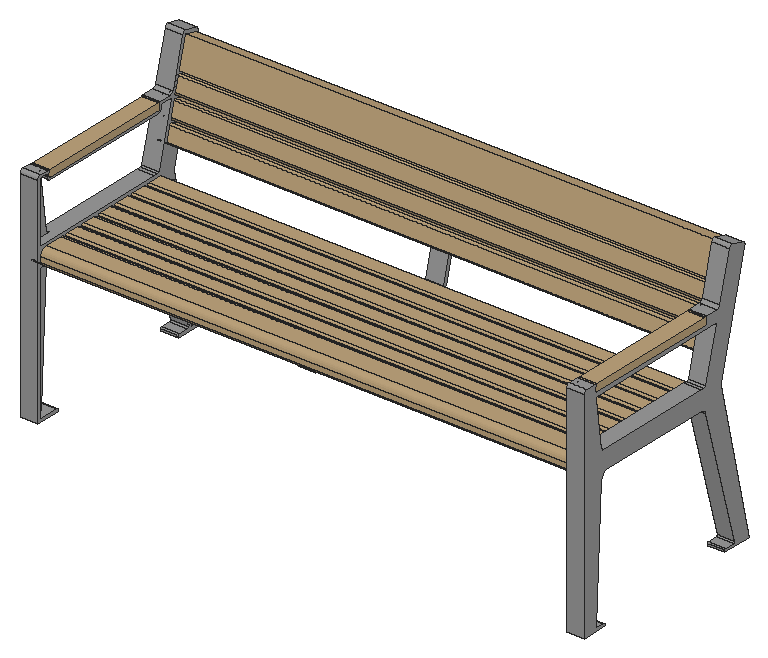
Revit family "L-FUR_벤치_DWB-210_데오스웍스", category 일반 모델, Revit 2019
Family settings
  보강 철근 호스트 가능 = 아니오
  원형 커넥터 치수 = 지름 사용
  부품 유형 = 보통
  작업 기준면 기반 = 아니오
  항상 수직 = 예
  로드될 때 보이드를 사용하여 절단 = 아니오
  공유 = 아니오
  룸 계산 점 = 아니오
Reference planes
  plane 1 "중심(앞/뒤)": y = 0
  plane 2: z = 0
  plane 3 "중심(왼쪽/오른쪽)": x = 0
Dimensions and locks
  aligned and locked: level to plane 2
Nested families
  nested 1: "L-FUR_벤치_DWB-210_데" at (0, 0, 0), type "L-FUR_벤치_DWB-210_데"
Definition of nested family "L-FUR_벤치_DWB-210_데"
  Reference planes
    plane 1 "중심(앞/뒤)": y = 0
    plane 2: z = 0
    plane 3 "중심(왼쪽/오른쪽)": x = 0
  Forms (mm)
    Extrusion 1, solid, not visible
      sketch origin (0, 0, 0) x (0, 1, 0) y (0, 0, 1)
        loop
          line (5413.536, -1348.304) -> (5413.536, -1966.304) -> (5483.943, -1966.304) -> (5483.943, -1961.304)
          arc (5483.943, -1961.304) -> (5483.064, -1959.183) -> (5480.943, -1958.304) r 3
          line (5480.943, -1958.304) -> (5453.943, -1958.304) -> (5472.57, -1590.288)
          arc (5472.57, -1590.288) -> (5478.766, -1576.807) -> (5492.544, -1571.304) r 20
          line (5492.544, -1571.304) -> (5825.084, -1571.304)
          arc (5825.084, -1571.304) -> (5836.369, -1574.792) -> (5843.718, -1584.038) r 20
          line (5843.718, -1584.038) -> (5947.286, -1954.214)
          arc (5947.286, -1954.214) -> (5946.968, -1956.997) -> (5944.491, -1958.304) r 3
          line (5944.491, -1958.304) -> (5915.001, -1958.304)
          arc (5915.001, -1958.304) -> (5912.879, -1959.183) -> (5912.001, -1961.304) r 3
          line (5912.001, -1961.304) -> (5912.001, -1966.304) -> (5993.536, -1966.304) -> (5895.432, -1535.512)
          arc (5895.432, -1535.512) -> (5894.963, -1532.71) -> (5895.301, -1529.889) r 10
          line (5895.301, -1529.889) -> (5978.07, -1220.994) -> (5979.105, -1217.13)
          arc (5979.105, -1217.13) -> (5978.947, -1210.378) -> (5975.167, -1204.781) r 12
          line (5975.167, -1204.781) -> (5936.746, -1194.486)
          arc (5936.746, -1194.486) -> (5931.311, -1197.231) -> (5928.17, -1202.447) r 11
          line (5928.17, -1202.447) -> (5893.753, -1330.892)
          arc (5893.753, -1330.892) -> (5890.181, -1336.238) -> (5884.094, -1338.304) r 10
          line (5884.094, -1338.304) -> (5846.536, -1338.304)
          arc (5846.536, -1338.304) -> (5844.415, -1339.183) -> (5843.536, -1341.304) r 3
          line (5843.536, -1341.304) -> (5843.536, -1353.304)
          arc (5843.536, -1353.304) -> (5842.072, -1356.84) -> (5838.536, -1358.304) r 5
          line (5838.536, -1358.304) -> (5458.536, -1358.304)
          arc (5458.536, -1358.304) -> (5455, -1356.84) -> (5453.536, -1353.304) r 5
          line (5453.536, -1353.304) -> (5453.536, -1341.304)
          arc (5453.536, -1341.304) -> (5452.657, -1339.183) -> (5450.536, -1338.304) r 3
          line (5450.536, -1338.304) -> (5423.536, -1338.304)
          arc (5423.536, -1338.304) -> (5416.465, -1341.233) -> (5413.536, -1348.304) r 10
      from 0 to 50
    Extrusion 2, solid, not visible
      sketch origin (0, 0, 0) x (1, 0, 0) y (0, 0, 1)
        loop
          line (282.591, -731.755) -> (1782.591, -731.755) -> (1782.591, -641.755)
          arc (1782.591, -641.755) -> (1032.591, -611.755) -> (282.591, -641.755) r 9390
          line (282.591, -641.755) -> (282.591, -731.755)
      from 0 to 50
    Extrusion 3, solid
      sketch origin (-1500, -6010.707, 1957.261) x (0, 1, 0) y (0, 0, 1)
        loop
          arc (5440.536, -1524.304) -> (5426.394, -1530.162) -> (5420.536, -1544.304) r 20
          line (5420.536, -1544.304) -> (5420.536, -1559.304)
          arc (5420.536, -1559.304) -> (5422, -1562.84) -> (5425.536, -1564.304) r 5
          line (5425.536, -1564.304) -> (5495.536, -1564.304)
          arc (5495.536, -1564.304) -> (5499.072, -1562.84) -> (5500.536, -1559.304) r 5
          line (5500.536, -1559.304) -> (5500.536, -1529.304)
          arc (5500.536, -1529.304) -> (5499.072, -1525.769) -> (5495.536, -1524.304) r 5
          line (5495.536, -1524.304) -> (5440.536, -1524.304)
        loop
          line (5532.036, -1564.304) -> (5535.036, -1564.304) -> (5553.536, -1564.304)
          arc (5553.536, -1564.304) -> (5557.072, -1562.84) -> (5558.536, -1559.304) r 5
          line (5558.536, -1559.304) -> (5558.536, -1529.304)
          arc (5558.536, -1529.304) -> (5557.072, -1525.769) -> (5553.536, -1524.304) r 5
          line (5553.536, -1524.304) -> (5513.536, -1524.304)
          arc (5513.536, -1524.304) -> (5510, -1525.769) -> (5508.536, -1529.304) r 5
          line (5508.536, -1529.304) -> (5508.536, -1559.304)
          arc (5508.536, -1559.304) -> (5510, -1562.84) -> (5513.536, -1564.304) r 5
          line (5513.536, -1564.304) -> (5532.036, -1564.304)
        loop
          line (5590.036, -1564.304) -> (5593.036, -1564.304) -> (5611.536, -1564.304)
          arc (5611.536, -1564.304) -> (5615.072, -1562.84) -> (5616.536, -1559.304) r 5
          line (5616.536, -1559.304) -> (5616.536, -1529.304)
          arc (5616.536, -1529.304) -> (5615.072, -1525.769) -> (5611.536, -1524.304) r 5
          line (5611.536, -1524.304) -> (5571.536, -1524.304)
          arc (5571.536, -1524.304) -> (5568, -1525.769) -> (5566.536, -1529.304) r 5
          line (5566.536, -1529.304) -> (5566.536, -1559.304)
          arc (5566.536, -1559.304) -> (5568, -1562.84) -> (5571.536, -1564.304) r 5
          line (5571.536, -1564.304) -> (5590.036, -1564.304)
        loop
          line (5648.036, -1564.304) -> (5651.036, -1564.304) -> (5669.536, -1564.304)
          arc (5669.536, -1564.304) -> (5673.072, -1562.84) -> (5674.536, -1559.304) r 5
          line (5674.536, -1559.304) -> (5674.536, -1529.304)
          arc (5674.536, -1529.304) -> (5673.072, -1525.769) -> (5669.536, -1524.304) r 5
          line (5669.536, -1524.304) -> (5629.536, -1524.304)
          arc (5629.536, -1524.304) -> (5626, -1525.769) -> (5624.536, -1529.304) r 5
          line (5624.536, -1529.304) -> (5624.536, -1559.304)
          arc (5624.536, -1559.304) -> (5626, -1562.84) -> (5629.536, -1564.304) r 5
          line (5629.536, -1564.304) -> (5648.036, -1564.304)
        loop
          line (5706.036, -1564.304) -> (5709.036, -1564.304) -> (5727.536, -1564.304)
          arc (5727.536, -1564.304) -> (5731.072, -1562.84) -> (5732.536, -1559.304) r 5
          line (5732.536, -1559.304) -> (5732.536, -1529.304)
          arc (5732.536, -1529.304) -> (5731.072, -1525.769) -> (5727.536, -1524.304) r 5
          line (5727.536, -1524.304) -> (5687.536, -1524.304)
          arc (5687.536, -1524.304) -> (5684, -1525.769) -> (5682.536, -1529.304) r 5
          line (5682.536, -1529.304) -> (5682.536, -1559.304)
          arc (5682.536, -1559.304) -> (5684, -1562.84) -> (5687.536, -1564.304) r 5
          line (5687.536, -1564.304) -> (5706.036, -1564.304)
        loop
          line (5764.036, -1564.304) -> (5767.036, -1564.304) -> (5785.536, -1564.304)
          arc (5785.536, -1564.304) -> (5789.072, -1562.84) -> (5790.536, -1559.304) r 5
          line (5790.536, -1559.304) -> (5790.536, -1529.304)
          arc (5790.536, -1529.304) -> (5789.072, -1525.769) -> (5785.536, -1524.304) r 5
          line (5785.536, -1524.304) -> (5745.536, -1524.304)
          arc (5745.536, -1524.304) -> (5742, -1525.769) -> (5740.536, -1529.304) r 5
          line (5740.536, -1529.304) -> (5740.536, -1559.304)
          arc (5740.536, -1559.304) -> (5742, -1562.84) -> (5745.536, -1564.304) r 5
          line (5745.536, -1564.304) -> (5764.036, -1564.304)
        loop
          line (5822.036, -1564.304) -> (5825.036, -1564.304) -> (5843.536, -1564.304)
          arc (5843.536, -1564.304) -> (5847.072, -1562.84) -> (5848.536, -1559.304) r 5
          line (5848.536, -1559.304) -> (5848.536, -1529.304)
          arc (5848.536, -1529.304) -> (5847.072, -1525.769) -> (5843.536, -1524.304) r 5
          line (5843.536, -1524.304) -> (5803.536, -1524.304)
          arc (5803.536, -1524.304) -> (5800, -1525.769) -> (5798.536, -1529.304) r 5
          line (5798.536, -1529.304) -> (5798.536, -1559.304)
          arc (5798.536, -1559.304) -> (5800, -1562.84) -> (5803.536, -1564.304) r 5
          line (5803.536, -1564.304) -> (5822.036, -1564.304)
        loop
          line (5911.651, -1441.828) -> (5912.427, -1438.93) -> (5917.215, -1421.06)
          arc (5917.215, -1421.06) -> (5916.716, -1417.266) -> (5913.68, -1414.937) r 5
          line (5913.68, -1414.937) -> (5884.702, -1407.172)
          arc (5884.702, -1407.172) -> (5880.908, -1407.672) -> (5878.578, -1410.708) r 5
          line (5878.578, -1410.708) -> (5868.225, -1449.345)
          arc (5868.225, -1449.345) -> (5868.725, -1453.139) -> (5871.761, -1455.468) r 5
          line (5871.761, -1455.468) -> (5900.739, -1463.233)
          arc (5900.739, -1463.233) -> (5904.533, -1462.733) -> (5906.862, -1459.697) r 5
          line (5906.862, -1459.697) -> (5911.651, -1441.828)
        loop
          line (5926.662, -1385.804) -> (5927.438, -1382.906) -> (5932.227, -1365.037)
          arc (5932.227, -1365.037) -> (5931.727, -1361.243) -> (5928.691, -1358.913) r 5
          line (5928.691, -1358.913) -> (5899.713, -1351.148)
          arc (5899.713, -1351.148) -> (5895.919, -1351.648) -> (5893.59, -1354.684) r 5
          line (5893.59, -1354.684) -> (5883.237, -1393.321)
          arc (5883.237, -1393.321) -> (5883.736, -1397.115) -> (5886.772, -1399.445) r 5
          line (5886.772, -1399.445) -> (5915.75, -1407.209)
          arc (5915.75, -1407.209) -> (5919.544, -1406.71) -> (5921.874, -1403.674) r 5
          line (5921.874, -1403.674) -> (5926.662, -1385.804)
        loop
          line (5941.674, -1329.78) -> (5942.45, -1326.883) -> (5947.238, -1309.013)
          arc (5947.238, -1309.013) -> (5946.739, -1305.219) -> (5943.703, -1302.889) r 5
          line (5943.703, -1302.889) -> (5914.725, -1295.125)
          arc (5914.725, -1295.125) -> (5910.931, -1295.624) -> (5908.601, -1298.66) r 5
          line (5908.601, -1298.66) -> (5898.248, -1337.297)
          arc (5898.248, -1337.297) -> (5898.748, -1341.091) -> (5901.784, -1343.421) r 5
          line (5901.784, -1343.421) -> (5930.762, -1351.185)
          arc (5930.762, -1351.185) -> (5934.556, -1350.686) -> (5936.885, -1347.65) r 5
          line (5936.885, -1347.65) -> (5941.674, -1329.78)
      from -50 to 1500
    Extrusion 4, solid
      sketch origin (-1782.591, 129.288, 1367.626) x (1, 0, 0) y (0, 0.258819, 0.965926)
        loop
          line (232.591, -731.755) -> (1782.591, -731.755) -> (1782.591, -641.755)
          arc (1782.591, -641.755) -> (1007.506, -611.788) -> (232.591, -645.896) r 9390
          line (232.591, -645.896) -> (232.591, -731.755)
      from 0 to 40
    Extrusion 5, solid, not visible
      sketch origin (-1475, 0, 0) x (0, 1, 0) y (0, 0, 1)
        loop
          arc (5440.536, -1524.304) -> (5426.394, -1530.162) -> (5420.536, -1544.304) r 20
          line (5420.536, -1544.304) -> (5420.536, -1559.304)
          arc (5420.536, -1559.304) -> (5422, -1562.84) -> (5425.536, -1564.304) r 5
          line (5425.536, -1564.304) -> (5495.536, -1564.304)
          arc (5495.536, -1564.304) -> (5499.072, -1562.84) -> (5500.536, -1559.304) r 5
          line (5500.536, -1559.304) -> (5500.536, -1529.304)
          arc (5500.536, -1529.304) -> (5499.072, -1525.769) -> (5495.536, -1524.304) r 5
          line (5495.536, -1524.304) -> (5440.536, -1524.304)
        loop
          line (5532.036, -1564.304) -> (5535.036, -1564.304) -> (5553.536, -1564.304)
          arc (5553.536, -1564.304) -> (5557.072, -1562.84) -> (5558.536, -1559.304) r 5
          line (5558.536, -1559.304) -> (5558.536, -1529.304)
          arc (5558.536, -1529.304) -> (5557.072, -1525.769) -> (5553.536, -1524.304) r 5
          line (5553.536, -1524.304) -> (5513.536, -1524.304)
          arc (5513.536, -1524.304) -> (5510, -1525.769) -> (5508.536, -1529.304) r 5
          line (5508.536, -1529.304) -> (5508.536, -1559.304)
          arc (5508.536, -1559.304) -> (5510, -1562.84) -> (5513.536, -1564.304) r 5
          line (5513.536, -1564.304) -> (5532.036, -1564.304)
        loop
          line (5590.036, -1564.304) -> (5593.036, -1564.304) -> (5611.536, -1564.304)
          arc (5611.536, -1564.304) -> (5615.072, -1562.84) -> (5616.536, -1559.304) r 5
          line (5616.536, -1559.304) -> (5616.536, -1529.304)
          arc (5616.536, -1529.304) -> (5615.072, -1525.769) -> (5611.536, -1524.304) r 5
          line (5611.536, -1524.304) -> (5571.536, -1524.304)
          arc (5571.536, -1524.304) -> (5568, -1525.769) -> (5566.536, -1529.304) r 5
          line (5566.536, -1529.304) -> (5566.536, -1559.304)
          arc (5566.536, -1559.304) -> (5568, -1562.84) -> (5571.536, -1564.304) r 5
          line (5571.536, -1564.304) -> (5590.036, -1564.304)
        loop
          line (5648.036, -1564.304) -> (5651.036, -1564.304) -> (5669.536, -1564.304)
          arc (5669.536, -1564.304) -> (5673.072, -1562.84) -> (5674.536, -1559.304) r 5
          line (5674.536, -1559.304) -> (5674.536, -1529.304)
          arc (5674.536, -1529.304) -> (5673.072, -1525.769) -> (5669.536, -1524.304) r 5
          line (5669.536, -1524.304) -> (5629.536, -1524.304)
          arc (5629.536, -1524.304) -> (5626, -1525.769) -> (5624.536, -1529.304) r 5
          line (5624.536, -1529.304) -> (5624.536, -1559.304)
          arc (5624.536, -1559.304) -> (5626, -1562.84) -> (5629.536, -1564.304) r 5
          line (5629.536, -1564.304) -> (5648.036, -1564.304)
        loop
          line (5706.036, -1564.304) -> (5709.036, -1564.304) -> (5727.536, -1564.304)
          arc (5727.536, -1564.304) -> (5731.072, -1562.84) -> (5732.536, -1559.304) r 5
          line (5732.536, -1559.304) -> (5732.536, -1529.304)
          arc (5732.536, -1529.304) -> (5731.072, -1525.769) -> (5727.536, -1524.304) r 5
          line (5727.536, -1524.304) -> (5687.536, -1524.304)
          arc (5687.536, -1524.304) -> (5684, -1525.769) -> (5682.536, -1529.304) r 5
          line (5682.536, -1529.304) -> (5682.536, -1559.304)
          arc (5682.536, -1559.304) -> (5684, -1562.84) -> (5687.536, -1564.304) r 5
          line (5687.536, -1564.304) -> (5706.036, -1564.304)
        loop
          line (5764.036, -1564.304) -> (5767.036, -1564.304) -> (5785.536, -1564.304)
          arc (5785.536, -1564.304) -> (5789.072, -1562.84) -> (5790.536, -1559.304) r 5
          line (5790.536, -1559.304) -> (5790.536, -1529.304)
          arc (5790.536, -1529.304) -> (5789.072, -1525.769) -> (5785.536, -1524.304) r 5
          line (5785.536, -1524.304) -> (5745.536, -1524.304)
          arc (5745.536, -1524.304) -> (5742, -1525.769) -> (5740.536, -1529.304) r 5
          line (5740.536, -1529.304) -> (5740.536, -1559.304)
          arc (5740.536, -1559.304) -> (5742, -1562.84) -> (5745.536, -1564.304) r 5
          line (5745.536, -1564.304) -> (5764.036, -1564.304)
        loop
          line (5822.036, -1564.304) -> (5825.036, -1564.304) -> (5843.536, -1564.304)
          arc (5843.536, -1564.304) -> (5847.072, -1562.84) -> (5848.536, -1559.304) r 5
          line (5848.536, -1559.304) -> (5848.536, -1529.304)
          arc (5848.536, -1529.304) -> (5847.072, -1525.769) -> (5843.536, -1524.304) r 5
          line (5843.536, -1524.304) -> (5803.536, -1524.304)
          arc (5803.536, -1524.304) -> (5800, -1525.769) -> (5798.536, -1529.304) r 5
          line (5798.536, -1529.304) -> (5798.536, -1559.304)
          arc (5798.536, -1559.304) -> (5800, -1562.84) -> (5803.536, -1564.304) r 5
          line (5803.536, -1564.304) -> (5822.036, -1564.304)
        loop
          line (5911.651, -1441.828) -> (5912.427, -1438.93) -> (5917.215, -1421.06)
          arc (5917.215, -1421.06) -> (5916.716, -1417.266) -> (5913.68, -1414.937) r 5
          line (5913.68, -1414.937) -> (5884.702, -1407.172)
          arc (5884.702, -1407.172) -> (5880.908, -1407.672) -> (5878.578, -1410.708) r 5
          line (5878.578, -1410.708) -> (5868.225, -1449.345)
          arc (5868.225, -1449.345) -> (5868.725, -1453.139) -> (5871.761, -1455.468) r 5
          line (5871.761, -1455.468) -> (5900.739, -1463.233)
          arc (5900.739, -1463.233) -> (5904.533, -1462.733) -> (5906.862, -1459.697) r 5
          line (5906.862, -1459.697) -> (5911.651, -1441.828)
        loop
          line (5926.662, -1385.804) -> (5927.438, -1382.906) -> (5932.227, -1365.037)
          arc (5932.227, -1365.037) -> (5931.727, -1361.243) -> (5928.691, -1358.913) r 5
          line (5928.691, -1358.913) -> (5899.713, -1351.148)
          arc (5899.713, -1351.148) -> (5895.919, -1351.648) -> (5893.59, -1354.684) r 5
          line (5893.59, -1354.684) -> (5883.237, -1393.321)
          arc (5883.237, -1393.321) -> (5883.736, -1397.115) -> (5886.772, -1399.445) r 5
          line (5886.772, -1399.445) -> (5915.75, -1407.209)
          arc (5915.75, -1407.209) -> (5919.544, -1406.71) -> (5921.874, -1403.674) r 5
          line (5921.874, -1403.674) -> (5926.662, -1385.804)
        loop
          line (5941.674, -1329.78) -> (5942.45, -1326.883) -> (5947.238, -1309.013)
          arc (5947.238, -1309.013) -> (5946.739, -1305.219) -> (5943.703, -1302.889) r 5
          line (5943.703, -1302.889) -> (5914.725, -1295.125)
          arc (5914.725, -1295.125) -> (5910.931, -1295.624) -> (5908.601, -1298.66) r 5
          line (5908.601, -1298.66) -> (5898.248, -1337.297)
          arc (5898.248, -1337.297) -> (5898.748, -1341.091) -> (5901.784, -1343.421) r 5
          line (5901.784, -1343.421) -> (5930.762, -1351.185)
          arc (5930.762, -1351.185) -> (5934.556, -1350.686) -> (5936.885, -1347.65) r 5
          line (5936.885, -1347.65) -> (5941.674, -1329.78)
      from -50 to 1500
    Extrusion 6, solid, not visible
      sketch origin (-1757.591, 6139.995, -589.635) x (1, 0, 0) y (0, 0.258819, 0.965926)
        loop
          line (232.591, -731.755) -> (1782.591, -731.755) -> (1782.591, -641.755)
          arc (1782.591, -641.755) -> (1007.506, -611.788) -> (232.591, -645.896) r 9390
          line (232.591, -645.896) -> (232.591, -731.755)
      from 0 to 40
    Extrusion 7, solid, not visible
      sketch origin (0, 0, 0) x (0, 1, 0) y (0, 0, 1)
        loop
          line (5413.536, -1348.304) -> (5413.536, -1966.304) -> (5483.943, -1966.304) -> (5483.943, -1961.304)
          arc (5483.943, -1961.304) -> (5483.064, -1959.183) -> (5480.943, -1958.304) r 3
          line (5480.943, -1958.304) -> (5453.943, -1958.304) -> (5472.57, -1590.288)
          arc (5472.57, -1590.288) -> (5478.766, -1576.807) -> (5492.544, -1571.304) r 20
          line (5492.544, -1571.304) -> (5825.084, -1571.304)
          arc (5825.084, -1571.304) -> (5836.369, -1574.792) -> (5843.718, -1584.038) r 20
          line (5843.718, -1584.038) -> (5947.286, -1954.214)
          arc (5947.286, -1954.214) -> (5946.968, -1956.997) -> (5944.491, -1958.304) r 3
          line (5944.491, -1958.304) -> (5915.001, -1958.304)
          arc (5915.001, -1958.304) -> (5912.879, -1959.183) -> (5912.001, -1961.304) r 3
          line (5912.001, -1961.304) -> (5912.001, -1966.304) -> (5993.536, -1966.304) -> (5895.432, -1535.512)
          arc (5895.432, -1535.512) -> (5894.963, -1532.71) -> (5895.301, -1529.889) r 10
          line (5895.301, -1529.889) -> (5978.07, -1220.994) -> (5979.105, -1217.13)
          arc (5979.105, -1217.13) -> (5978.947, -1210.378) -> (5975.167, -1204.781) r 12
          line (5975.167, -1204.781) -> (5936.746, -1194.486)
          arc (5936.746, -1194.486) -> (5931.311, -1197.231) -> (5928.17, -1202.447) r 11
          line (5928.17, -1202.447) -> (5893.753, -1330.892)
          arc (5893.753, -1330.892) -> (5890.181, -1336.238) -> (5884.094, -1338.304) r 10
          line (5884.094, -1338.304) -> (5846.536, -1338.304)
          arc (5846.536, -1338.304) -> (5844.415, -1339.183) -> (5843.536, -1341.304) r 3
          line (5843.536, -1341.304) -> (5843.536, -1353.304)
          arc (5843.536, -1353.304) -> (5842.072, -1356.84) -> (5838.536, -1358.304) r 5
          line (5838.536, -1358.304) -> (5458.536, -1358.304)
          arc (5458.536, -1358.304) -> (5455, -1356.84) -> (5453.536, -1353.304) r 5
          line (5453.536, -1353.304) -> (5453.536, -1341.304)
          arc (5453.536, -1341.304) -> (5452.657, -1339.183) -> (5450.536, -1338.304) r 3
          line (5450.536, -1338.304) -> (5423.536, -1338.304)
          arc (5423.536, -1338.304) -> (5416.465, -1341.233) -> (5413.536, -1348.304) r 10
      from 0 to 50
    Extrusion 8, void, not visible
      sketch origin (0, 0, 0) x (0, 1, 0) y (0, 0, 1)
        loop
          line (5442.536, -1344.304) -> (5425.536, -1344.304)
          arc (5425.536, -1344.304) -> (5422, -1345.769) -> (5420.536, -1349.304) r 5
          line (5420.536, -1349.304) -> (5420.536, -1513.304)
          arc (5420.536, -1513.304) -> (5422, -1516.84) -> (5425.536, -1518.304) r 5
          line (5425.536, -1518.304) -> (5482.428, -1518.304)
          arc (5482.428, -1518.304) -> (5475.783, -1515.777) -> (5472.497, -1509.473) r 10
          line (5472.497, -1509.473) -> (5454.321, -1374.974)
          arc (5454.321, -1374.974) -> (5455.512, -1371.014) -> (5459.276, -1369.304) r 5
          line (5459.276, -1369.304) -> (5876.944, -1369.304)
          arc (5876.944, -1369.304) -> (5880.911, -1371.26) -> (5881.774, -1375.598) r 5
          line (5881.774, -1375.598) -> (5888.473, -1350.598)
          arc (5888.473, -1350.598) -> (5887.61, -1346.26) -> (5883.643, -1344.304) r 5
          line (5883.643, -1344.304) -> (5854.536, -1344.304)
          arc (5854.536, -1344.304) -> (5851, -1345.769) -> (5849.536, -1349.304) r 5
          line (5849.536, -1349.304) -> (5849.536, -1353.304)
          arc (5849.536, -1353.304) -> (5846.314, -1361.082) -> (5838.536, -1364.304) r 11
          line (5838.536, -1364.304) -> (5458.536, -1364.304)
          arc (5458.536, -1364.304) -> (5450.758, -1361.082) -> (5447.536, -1353.304) r 11
          line (5447.536, -1353.304) -> (5447.536, -1349.304)
          arc (5447.536, -1349.304) -> (5446.072, -1345.769) -> (5442.536, -1344.304) r 5
        loop
          line (5492.544, -1571.304) -> (5425.536, -1571.304)
          arc (5425.536, -1571.304) -> (5422, -1572.769) -> (5420.536, -1576.304) r 5
          line (5420.536, -1576.304) -> (5420.536, -1955.304)
          arc (5420.536, -1955.304) -> (5421.415, -1957.426) -> (5423.536, -1958.304) r 3
          line (5423.536, -1958.304) -> (5453.943, -1958.304) -> (5472.57, -1590.288)
          arc (5472.57, -1590.288) -> (5478.766, -1576.807) -> (5492.544, -1571.304) r 20
        loop
          arc (5954.683, -1954.658) -> (5956.477, -1957.29) -> (5959.496, -1958.304) r 5
          line (5959.496, -1958.304) -> (5978.252, -1958.304)
          arc (5978.252, -1958.304) -> (5982.162, -1956.421) -> (5983.126, -1952.189) r 5
          line (5983.126, -1952.189) -> (5890.805, -1546.671) -> (5889.566, -1551.292)
          arc (5889.566, -1551.292) -> (5879.923, -1565.725) -> (5863.486, -1571.304) r 27
          line (5863.486, -1571.304) -> (5843.223, -1571.304)
          arc (5843.223, -1571.304) -> (5847.426, -1576.144) -> (5850.371, -1581.838) r 27
          line (5850.371, -1581.838) -> (5954.683, -1954.658)
      from 25 to 0
    Extrusion 9, void, not visible
      sketch origin (0, 0, 0) x (0, 1, 0) y (0, 0, 1)
        loop
          line (5454.321, -1374.974) -> (5472.497, -1509.473)
          arc (5472.497, -1509.473) -> (5475.783, -1515.777) -> (5482.428, -1518.304) r 10
          line (5482.428, -1518.304) -> (5839.699, -1518.304)
          arc (5839.699, -1518.304) -> (5842.743, -1517.271) -> (5844.529, -1514.598) r 5
          line (5844.529, -1514.598) -> (5881.774, -1375.598)
          arc (5881.774, -1375.598) -> (5880.911, -1371.26) -> (5876.944, -1369.304) r 5
          line (5876.944, -1369.304) -> (5459.276, -1369.304)
          arc (5459.276, -1369.304) -> (5455.512, -1371.014) -> (5454.321, -1374.974) r 5
      from 0 to 50
    Extrusion 10, void
      sketch origin (0, -6010.707, 1957.261) x (0, 1, 0) y (0, 0, 1)
        loop
          arc (5954.683, -1954.658) -> (5956.477, -1957.29) -> (5959.496, -1958.304) r 5
          line (5959.496, -1958.304) -> (5978.252, -1958.304)
          arc (5978.252, -1958.304) -> (5982.162, -1956.421) -> (5983.126, -1952.189) r 5
          line (5983.126, -1952.189) -> (5890.805, -1546.671) -> (5889.566, -1551.292)
          arc (5889.566, -1551.292) -> (5879.923, -1565.725) -> (5863.486, -1571.304) r 27
          line (5863.486, -1571.304) -> (5843.223, -1571.304)
          arc (5843.223, -1571.304) -> (5847.426, -1576.144) -> (5850.371, -1581.838) r 27
          line (5850.371, -1581.838) -> (5954.683, -1954.658)
        loop
          line (5420.536, -1576.304) -> (5420.536, -1955.304)
          arc (5420.536, -1955.304) -> (5421.415, -1957.426) -> (5423.536, -1958.304) r 3
          line (5423.536, -1958.304) -> (5453.943, -1958.304) -> (5472.57, -1590.288)
          arc (5472.57, -1590.288) -> (5478.766, -1576.807) -> (5492.544, -1571.304) r 20
          line (5492.544, -1571.304) -> (5425.536, -1571.304)
          arc (5425.536, -1571.304) -> (5422, -1572.769) -> (5420.536, -1576.304) r 5
        loop
          arc (5420.536, -1513.304) -> (5422, -1516.84) -> (5425.536, -1518.304) r 5
          line (5425.536, -1518.304) -> (5482.428, -1518.304)
          arc (5482.428, -1518.304) -> (5475.848, -1515.834) -> (5472.519, -1509.643) r 10
          line (5472.519, -1509.643) -> (5454.311, -1374.888)
          arc (5454.311, -1374.888) -> (5455.54, -1370.982) -> (5459.276, -1369.304) r 5
          line (5459.276, -1369.304) -> (5876.944, -1369.304)
          arc (5876.944, -1369.304) -> (5880.911, -1371.26) -> (5881.774, -1375.598) r 5
          line (5881.774, -1375.598) -> (5888.473, -1350.598)
          arc (5888.473, -1350.598) -> (5887.61, -1346.26) -> (5883.643, -1344.304) r 5
          line (5883.643, -1344.304) -> (5854.536, -1344.304)
          arc (5854.536, -1344.304) -> (5851, -1345.769) -> (5849.536, -1349.304) r 5
          line (5849.536, -1349.304) -> (5849.536, -1353.304)
          arc (5849.536, -1353.304) -> (5846.314, -1361.082) -> (5838.536, -1364.304) r 11
          line (5838.536, -1364.304) -> (5458.536, -1364.304)
          arc (5458.536, -1364.304) -> (5450.758, -1361.082) -> (5447.536, -1353.304) r 11
          line (5447.536, -1353.304) -> (5447.536, -1349.304)
          arc (5447.536, -1349.304) -> (5446.072, -1345.769) -> (5442.536, -1344.304) r 5
          line (5442.536, -1344.304) -> (5425.536, -1344.304)
          arc (5425.536, -1344.304) -> (5422, -1345.769) -> (5420.536, -1349.304) r 5
          line (5420.536, -1349.304) -> (5420.536, -1513.304)
      from 0 to 25
    Extrusion 11, solid
      sketch origin (-1575, -6010.707, 1957.261) x (0, 1, 0) y (0, 0, 1)
        loop
          line (5413.536, -1348.304) -> (5413.536, -1966.304) -> (5483.943, -1966.304) -> (5483.943, -1961.304)
          arc (5483.943, -1961.304) -> (5483.064, -1959.183) -> (5480.943, -1958.304) r 3
          line (5480.943, -1958.304) -> (5453.943, -1958.304) -> (5472.57, -1590.288)
          arc (5472.57, -1590.288) -> (5478.766, -1576.807) -> (5492.544, -1571.304) r 20
          line (5492.544, -1571.304) -> (5825.084, -1571.304)
          arc (5825.084, -1571.304) -> (5836.369, -1574.792) -> (5843.718, -1584.038) r 20
          line (5843.718, -1584.038) -> (5947.286, -1954.214)
          arc (5947.286, -1954.214) -> (5946.968, -1956.997) -> (5944.491, -1958.304) r 3
          line (5944.491, -1958.304) -> (5915.001, -1958.304)
          arc (5915.001, -1958.304) -> (5912.879, -1959.183) -> (5912.001, -1961.304) r 3
          line (5912.001, -1961.304) -> (5912.001, -1966.304) -> (5993.536, -1966.304) -> (5895.432, -1535.512)
          arc (5895.432, -1535.512) -> (5894.963, -1532.71) -> (5895.301, -1529.889) r 10
          line (5895.301, -1529.889) -> (5978.07, -1220.994) -> (5979.105, -1217.13)
          arc (5979.105, -1217.13) -> (5978.947, -1210.378) -> (5975.167, -1204.781) r 12
          line (5975.167, -1204.781) -> (5936.746, -1194.486)
          arc (5936.746, -1194.486) -> (5931.311, -1197.231) -> (5928.17, -1202.447) r 11
          line (5928.17, -1202.447) -> (5893.753, -1330.892)
          arc (5893.753, -1330.892) -> (5890.181, -1336.238) -> (5884.094, -1338.304) r 10
          line (5884.094, -1338.304) -> (5846.536, -1338.304)
          arc (5846.536, -1338.304) -> (5844.415, -1339.183) -> (5843.536, -1341.304) r 3
          line (5843.536, -1341.304) -> (5843.536, -1353.304)
          arc (5843.536, -1353.304) -> (5842.072, -1356.84) -> (5838.536, -1358.304) r 5
          line (5838.536, -1358.304) -> (5458.536, -1358.304)
          arc (5458.536, -1358.304) -> (5455, -1356.84) -> (5453.536, -1353.304) r 5
          line (5453.536, -1353.304) -> (5453.536, -1341.304)
          arc (5453.536, -1341.304) -> (5452.657, -1339.183) -> (5450.536, -1338.304) r 3
          line (5450.536, -1338.304) -> (5423.536, -1338.304)
          arc (5423.536, -1338.304) -> (5416.465, -1341.233) -> (5413.536, -1348.304) r 10
        loop
          line (5482.428, -1518.304) -> (5828.837, -1518.304) -> (5839.699, -1518.304)
          arc (5839.699, -1518.304) -> (5842.743, -1517.271) -> (5844.529, -1514.598) r 5
          line (5844.529, -1514.598) -> (5881.774, -1375.598)
          arc (5881.774, -1375.598) -> (5880.911, -1371.26) -> (5876.944, -1369.304) r 5
          line (5876.944, -1369.304) -> (5459.276, -1369.304)
          arc (5459.276, -1369.304) -> (5455.54, -1370.982) -> (5454.311, -1374.888) r 5
          line (5454.311, -1374.888) -> (5472.519, -1509.643)
          arc (5472.519, -1509.643) -> (5475.848, -1515.834) -> (5482.428, -1518.304) r 10
      from 0 to 50
    Extrusion 12, void
      sketch origin (0, -6010.707, 1957.261) x (0, 1, 0) y (0, 0, 1)
        loop
          arc (5440.536, -1524.304) -> (5426.394, -1530.162) -> (5420.536, -1544.304) r 20
          line (5420.536, -1544.304) -> (5420.536, -1559.304)
          arc (5420.536, -1559.304) -> (5422, -1562.84) -> (5425.536, -1564.304) r 5
          line (5425.536, -1564.304) -> (5863.486, -1564.304)
          arc (5863.486, -1564.304) -> (5875.662, -1560.171) -> (5882.805, -1549.481) r 20
          line (5882.805, -1549.481) -> (5972.602, -1214.352)
          arc (5972.602, -1214.352) -> (5972.103, -1210.558) -> (5969.067, -1208.228) r 5
          line (5969.067, -1208.228) -> (5940.089, -1200.464)
          arc (5940.089, -1200.464) -> (5936.295, -1200.963) -> (5933.965, -1203.999) r 5
          line (5933.965, -1203.999) -> (5850.325, -1516.151)
          arc (5850.325, -1516.151) -> (5846.396, -1522.031) -> (5839.699, -1524.304) r 11
          line (5839.699, -1524.304) -> (5440.536, -1524.304)
      from 0 to 25
    Extrusion 13, void
      sketch origin (-1550, -6010.707, 1957.261) x (0, 1, 0) y (0, 0, 1)
        loop
          arc (5954.683, -1954.658) -> (5956.477, -1957.29) -> (5959.496, -1958.304) r 5
          line (5959.496, -1958.304) -> (5978.252, -1958.304)
          arc (5978.252, -1958.304) -> (5982.162, -1956.421) -> (5983.126, -1952.189) r 5
          line (5983.126, -1952.189) -> (5890.805, -1546.671) -> (5889.566, -1551.292)
          arc (5889.566, -1551.292) -> (5879.923, -1565.725) -> (5863.486, -1571.304) r 27
          line (5863.486, -1571.304) -> (5843.223, -1571.304)
          arc (5843.223, -1571.304) -> (5847.426, -1576.144) -> (5850.371, -1581.838) r 27
          line (5850.371, -1581.838) -> (5954.683, -1954.658)
        loop
          line (5420.536, -1576.304) -> (5420.536, -1955.304)
          arc (5420.536, -1955.304) -> (5421.415, -1957.426) -> (5423.536, -1958.304) r 3
          line (5423.536, -1958.304) -> (5453.943, -1958.304) -> (5472.57, -1590.288)
          arc (5472.57, -1590.288) -> (5478.766, -1576.807) -> (5492.544, -1571.304) r 20
          line (5492.544, -1571.304) -> (5425.536, -1571.304)
          arc (5425.536, -1571.304) -> (5422, -1572.769) -> (5420.536, -1576.304) r 5
        loop
          arc (5420.536, -1513.304) -> (5422, -1516.84) -> (5425.536, -1518.304) r 5
          line (5425.536, -1518.304) -> (5482.428, -1518.304)
          arc (5482.428, -1518.304) -> (5475.848, -1515.834) -> (5472.519, -1509.643) r 10
          line (5472.519, -1509.643) -> (5454.311, -1374.888)
          arc (5454.311, -1374.888) -> (5455.54, -1370.982) -> (5459.276, -1369.304) r 5
          line (5459.276, -1369.304) -> (5876.944, -1369.304)
          arc (5876.944, -1369.304) -> (5880.911, -1371.26) -> (5881.774, -1375.598) r 5
          line (5881.774, -1375.598) -> (5888.473, -1350.598)
          arc (5888.473, -1350.598) -> (5887.61, -1346.26) -> (5883.643, -1344.304) r 5
          line (5883.643, -1344.304) -> (5854.536, -1344.304)
          arc (5854.536, -1344.304) -> (5851, -1345.769) -> (5849.536, -1349.304) r 5
          line (5849.536, -1349.304) -> (5849.536, -1353.304)
          arc (5849.536, -1353.304) -> (5846.314, -1361.082) -> (5838.536, -1364.304) r 11
          line (5838.536, -1364.304) -> (5458.536, -1364.304)
          arc (5458.536, -1364.304) -> (5450.758, -1361.082) -> (5447.536, -1353.304) r 11
          line (5447.536, -1353.304) -> (5447.536, -1349.304)
          arc (5447.536, -1349.304) -> (5446.072, -1345.769) -> (5442.536, -1344.304) r 5
          line (5442.536, -1344.304) -> (5425.536, -1344.304)
          arc (5425.536, -1344.304) -> (5422, -1345.769) -> (5420.536, -1349.304) r 5
          line (5420.536, -1349.304) -> (5420.536, -1513.304)
      from 0 to 25
    Extrusion 14, solid
      sketch origin (-799.989, -6010.707, 1957.261) x (0, 1, 0) y (0, 0, 1)
        loop
          line (5433.536, -1571.304) -> (5863.486, -1571.304)
          arc (5863.486, -1571.304) -> (5879.923, -1565.725) -> (5889.566, -1551.292) r 27
          line (5889.566, -1551.292) -> (5978.07, -1220.994) -> (5971.308, -1219.182) -> (5882.805, -1549.481)
          arc (5882.805, -1549.481) -> (5875.662, -1560.171) -> (5863.486, -1564.304) r 20
          line (5863.486, -1564.304) -> (5433.536, -1564.304) -> (5430.536, -1564.304) -> (5430.536, -1571.304) -> (5433.536, -1571.304)
      from 0 to 50
    Extrusion 15, solid
      sketch origin (-1575, -6010.707, 1957.261) x (0, 1, 0) y (0, 0, 1)
        loop
          arc (5456.536, -1338.304) -> (5454.415, -1339.183) -> (5453.536, -1341.304) r 3
          line (5453.536, -1341.304) -> (5453.536, -1353.304)
          arc (5453.536, -1353.304) -> (5455, -1356.84) -> (5458.536, -1358.304) r 5
          line (5458.536, -1358.304) -> (5838.536, -1358.304)
          arc (5838.536, -1358.304) -> (5842.072, -1356.84) -> (5843.536, -1353.304) r 5
          line (5843.536, -1353.304) -> (5843.536, -1341.304)
          arc (5843.536, -1341.304) -> (5842.657, -1339.183) -> (5840.536, -1338.304) r 3
          line (5840.536, -1338.304) -> (5456.536, -1338.304)
      from 50 to 2
    Extrusion 16, solid, not visible
      sketch origin (-1475, 0, 0) x (0, 1, 0) y (0, 0, 1)
        loop
          arc (5440.536, -1524.304) -> (5426.394, -1530.162) -> (5420.536, -1544.304) r 20
          line (5420.536, -1544.304) -> (5420.536, -1559.304)
          arc (5420.536, -1559.304) -> (5422, -1562.84) -> (5425.536, -1564.304) r 5
          line (5425.536, -1564.304) -> (5495.536, -1564.304)
          arc (5495.536, -1564.304) -> (5499.072, -1562.84) -> (5500.536, -1559.304) r 5
          line (5500.536, -1559.304) -> (5500.536, -1529.304)
          arc (5500.536, -1529.304) -> (5499.072, -1525.769) -> (5495.536, -1524.304) r 5
          line (5495.536, -1524.304) -> (5440.536, -1524.304)
        loop
          line (5532.036, -1564.304) -> (5535.036, -1564.304) -> (5553.536, -1564.304)
          arc (5553.536, -1564.304) -> (5557.072, -1562.84) -> (5558.536, -1559.304) r 5
          line (5558.536, -1559.304) -> (5558.536, -1529.304)
          arc (5558.536, -1529.304) -> (5557.072, -1525.769) -> (5553.536, -1524.304) r 5
          line (5553.536, -1524.304) -> (5513.536, -1524.304)
          arc (5513.536, -1524.304) -> (5510, -1525.769) -> (5508.536, -1529.304) r 5
          line (5508.536, -1529.304) -> (5508.536, -1559.304)
          arc (5508.536, -1559.304) -> (5510, -1562.84) -> (5513.536, -1564.304) r 5
          line (5513.536, -1564.304) -> (5532.036, -1564.304)
        loop
          line (5590.036, -1564.304) -> (5593.036, -1564.304) -> (5611.536, -1564.304)
          arc (5611.536, -1564.304) -> (5615.072, -1562.84) -> (5616.536, -1559.304) r 5
          line (5616.536, -1559.304) -> (5616.536, -1529.304)
          arc (5616.536, -1529.304) -> (5615.072, -1525.769) -> (5611.536, -1524.304) r 5
          line (5611.536, -1524.304) -> (5571.536, -1524.304)
          arc (5571.536, -1524.304) -> (5568, -1525.769) -> (5566.536, -1529.304) r 5
          line (5566.536, -1529.304) -> (5566.536, -1559.304)
          arc (5566.536, -1559.304) -> (5568, -1562.84) -> (5571.536, -1564.304) r 5
          line (5571.536, -1564.304) -> (5590.036, -1564.304)
        loop
          line (5648.036, -1564.304) -> (5651.036, -1564.304) -> (5669.536, -1564.304)
          arc (5669.536, -1564.304) -> (5673.072, -1562.84) -> (5674.536, -1559.304) r 5
          line (5674.536, -1559.304) -> (5674.536, -1529.304)
          arc (5674.536, -1529.304) -> (5673.072, -1525.769) -> (5669.536, -1524.304) r 5
          line (5669.536, -1524.304) -> (5629.536, -1524.304)
          arc (5629.536, -1524.304) -> (5626, -1525.769) -> (5624.536, -1529.304) r 5
          line (5624.536, -1529.304) -> (5624.536, -1559.304)
          arc (5624.536, -1559.304) -> (5626, -1562.84) -> (5629.536, -1564.304) r 5
          line (5629.536, -1564.304) -> (5648.036, -1564.304)
        loop
          line (5706.036, -1564.304) -> (5709.036, -1564.304) -> (5727.536, -1564.304)
          arc (5727.536, -1564.304) -> (5731.072, -1562.84) -> (5732.536, -1559.304) r 5
          line (5732.536, -1559.304) -> (5732.536, -1529.304)
          arc (5732.536, -1529.304) -> (5731.072, -1525.769) -> (5727.536, -1524.304) r 5
          line (5727.536, -1524.304) -> (5687.536, -1524.304)
          arc (5687.536, -1524.304) -> (5684, -1525.769) -> (5682.536, -1529.304) r 5
          line (5682.536, -1529.304) -> (5682.536, -1559.304)
          arc (5682.536, -1559.304) -> (5684, -1562.84) -> (5687.536, -1564.304) r 5
          line (5687.536, -1564.304) -> (5706.036, -1564.304)
        loop
          line (5764.036, -1564.304) -> (5767.036, -1564.304) -> (5785.536, -1564.304)
          arc (5785.536, -1564.304) -> (5789.072, -1562.84) -> (5790.536, -1559.304) r 5
          line (5790.536, -1559.304) -> (5790.536, -1529.304)
          arc (5790.536, -1529.304) -> (5789.072, -1525.769) -> (5785.536, -1524.304) r 5
          line (5785.536, -1524.304) -> (5745.536, -1524.304)
          arc (5745.536, -1524.304) -> (5742, -1525.769) -> (5740.536, -1529.304) r 5
          line (5740.536, -1529.304) -> (5740.536, -1559.304)
          arc (5740.536, -1559.304) -> (5742, -1562.84) -> (5745.536, -1564.304) r 5
          line (5745.536, -1564.304) -> (5764.036, -1564.304)
        loop
          line (5822.036, -1564.304) -> (5825.036, -1564.304) -> (5843.536, -1564.304)
          arc (5843.536, -1564.304) -> (5847.072, -1562.84) -> (5848.536, -1559.304) r 5
          line (5848.536, -1559.304) -> (5848.536, -1529.304)
          arc (5848.536, -1529.304) -> (5847.072, -1525.769) -> (5843.536, -1524.304) r 5
          line (5843.536, -1524.304) -> (5803.536, -1524.304)
          arc (5803.536, -1524.304) -> (5800, -1525.769) -> (5798.536, -1529.304) r 5
          line (5798.536, -1529.304) -> (5798.536, -1559.304)
          arc (5798.536, -1559.304) -> (5800, -1562.84) -> (5803.536, -1564.304) r 5
          line (5803.536, -1564.304) -> (5822.036, -1564.304)
        loop
          line (5911.651, -1441.828) -> (5912.427, -1438.93) -> (5917.215, -1421.06)
          arc (5917.215, -1421.06) -> (5916.716, -1417.266) -> (5913.68, -1414.937) r 5
          line (5913.68, -1414.937) -> (5884.702, -1407.172)
          arc (5884.702, -1407.172) -> (5880.908, -1407.672) -> (5878.578, -1410.708) r 5
          line (5878.578, -1410.708) -> (5868.225, -1449.345)
          arc (5868.225, -1449.345) -> (5868.725, -1453.139) -> (5871.761, -1455.468) r 5
          line (5871.761, -1455.468) -> (5900.739, -1463.233)
          arc (5900.739, -1463.233) -> (5904.533, -1462.733) -> (5906.862, -1459.697) r 5
          line (5906.862, -1459.697) -> (5911.651, -1441.828)
        loop
          line (5926.662, -1385.804) -> (5927.438, -1382.906) -> (5932.227, -1365.037)
          arc (5932.227, -1365.037) -> (5931.727, -1361.243) -> (5928.691, -1358.913) r 5
          line (5928.691, -1358.913) -> (5899.713, -1351.148)
          arc (5899.713, -1351.148) -> (5895.919, -1351.648) -> (5893.59, -1354.684) r 5
          line (5893.59, -1354.684) -> (5883.237, -1393.321)
          arc (5883.237, -1393.321) -> (5883.736, -1397.115) -> (5886.772, -1399.445) r 5
          line (5886.772, -1399.445) -> (5915.75, -1407.209)
          arc (5915.75, -1407.209) -> (5919.544, -1406.71) -> (5921.874, -1403.674) r 5
          line (5921.874, -1403.674) -> (5926.662, -1385.804)
        loop
          line (5941.674, -1329.78) -> (5942.45, -1326.883) -> (5947.238, -1309.013)
          arc (5947.238, -1309.013) -> (5946.739, -1305.219) -> (5943.703, -1302.889) r 5
          line (5943.703, -1302.889) -> (5914.725, -1295.125)
          arc (5914.725, -1295.125) -> (5910.931, -1295.624) -> (5908.601, -1298.66) r 5
          line (5908.601, -1298.66) -> (5898.248, -1337.297)
          arc (5898.248, -1337.297) -> (5898.748, -1341.091) -> (5901.784, -1343.421) r 5
          line (5901.784, -1343.421) -> (5930.762, -1351.185)
          arc (5930.762, -1351.185) -> (5934.556, -1350.686) -> (5936.885, -1347.65) r 5
          line (5936.885, -1347.65) -> (5941.674, -1329.78)
      from -50 to 1500
    Extrusion 17, solid, not visible
      sketch origin (-1757.591, 6139.995, -589.635) x (1, 0, 0) y (0, 0.258819, 0.965926)
        loop
          line (232.591, -731.755) -> (1782.591, -731.755) -> (1782.591, -641.755)
          arc (1782.591, -641.755) -> (1007.506, -611.788) -> (232.591, -645.896) r 9390
          line (232.591, -645.896) -> (232.591, -731.755)
      from 0 to 40
    Extrusion 18, solid, not visible
      sketch origin (0, 0, 0) x (0, 1, 0) y (0, 0, 1)
        loop
          line (5413.536, -1348.304) -> (5413.536, -1966.304) -> (5483.943, -1966.304) -> (5483.943, -1961.304)
          arc (5483.943, -1961.304) -> (5483.064, -1959.183) -> (5480.943, -1958.304) r 3
          line (5480.943, -1958.304) -> (5453.943, -1958.304) -> (5472.57, -1590.288)
          arc (5472.57, -1590.288) -> (5478.766, -1576.807) -> (5492.544, -1571.304) r 20
          line (5492.544, -1571.304) -> (5825.084, -1571.304)
          arc (5825.084, -1571.304) -> (5836.369, -1574.792) -> (5843.718, -1584.038) r 20
          line (5843.718, -1584.038) -> (5947.286, -1954.214)
          arc (5947.286, -1954.214) -> (5946.968, -1956.997) -> (5944.491, -1958.304) r 3
          line (5944.491, -1958.304) -> (5915.001, -1958.304)
          arc (5915.001, -1958.304) -> (5912.879, -1959.183) -> (5912.001, -1961.304) r 3
          line (5912.001, -1961.304) -> (5912.001, -1966.304) -> (5993.536, -1966.304) -> (5895.432, -1535.512)
          arc (5895.432, -1535.512) -> (5894.963, -1532.71) -> (5895.301, -1529.889) r 10
          line (5895.301, -1529.889) -> (5978.07, -1220.994) -> (5979.105, -1217.13)
          arc (5979.105, -1217.13) -> (5978.947, -1210.378) -> (5975.167, -1204.781) r 12
          line (5975.167, -1204.781) -> (5936.746, -1194.486)
          arc (5936.746, -1194.486) -> (5931.311, -1197.231) -> (5928.17, -1202.447) r 11
          line (5928.17, -1202.447) -> (5893.753, -1330.892)
          arc (5893.753, -1330.892) -> (5890.181, -1336.238) -> (5884.094, -1338.304) r 10
          line (5884.094, -1338.304) -> (5846.536, -1338.304)
          arc (5846.536, -1338.304) -> (5844.415, -1339.183) -> (5843.536, -1341.304) r 3
          line (5843.536, -1341.304) -> (5843.536, -1353.304)
          arc (5843.536, -1353.304) -> (5842.072, -1356.84) -> (5838.536, -1358.304) r 5
          line (5838.536, -1358.304) -> (5458.536, -1358.304)
          arc (5458.536, -1358.304) -> (5455, -1356.84) -> (5453.536, -1353.304) r 5
          line (5453.536, -1353.304) -> (5453.536, -1341.304)
          arc (5453.536, -1341.304) -> (5452.657, -1339.183) -> (5450.536, -1338.304) r 3
          line (5450.536, -1338.304) -> (5423.536, -1338.304)
          arc (5423.536, -1338.304) -> (5416.465, -1341.233) -> (5413.536, -1348.304) r 10
        loop
          line (5482.428, -1518.304) -> (5828.837, -1518.304) -> (5839.699, -1518.304)
          arc (5839.699, -1518.304) -> (5842.743, -1517.271) -> (5844.529, -1514.598) r 5
          line (5844.529, -1514.598) -> (5881.774, -1375.598)
          arc (5881.774, -1375.598) -> (5880.911, -1371.26) -> (5876.944, -1369.304) r 5
          line (5876.944, -1369.304) -> (5459.276, -1369.304)
          arc (5459.276, -1369.304) -> (5455.54, -1370.982) -> (5454.311, -1374.888) r 5
          line (5454.311, -1374.888) -> (5472.519, -1509.643)
          arc (5472.519, -1509.643) -> (5475.848, -1515.834) -> (5482.428, -1518.304) r 10
      from 0 to 50
    Extrusion 19, void, not visible
      sketch origin (0, 0, 0) x (0, 1, 0) y (0, 0, 1)
        loop
          arc (5954.683, -1954.658) -> (5956.477, -1957.29) -> (5959.496, -1958.304) r 5
          line (5959.496, -1958.304) -> (5978.252, -1958.304)
          arc (5978.252, -1958.304) -> (5982.162, -1956.421) -> (5983.126, -1952.189) r 5
          line (5983.126, -1952.189) -> (5890.805, -1546.671) -> (5889.566, -1551.292)
          arc (5889.566, -1551.292) -> (5879.923, -1565.725) -> (5863.486, -1571.304) r 27
          line (5863.486, -1571.304) -> (5843.223, -1571.304)
          arc (5843.223, -1571.304) -> (5847.426, -1576.144) -> (5850.371, -1581.838) r 27
          line (5850.371, -1581.838) -> (5954.683, -1954.658)
        loop
          line (5420.536, -1576.304) -> (5420.536, -1955.304)
          arc (5420.536, -1955.304) -> (5421.415, -1957.426) -> (5423.536, -1958.304) r 3
          line (5423.536, -1958.304) -> (5453.943, -1958.304) -> (5472.57, -1590.288)
          arc (5472.57, -1590.288) -> (5478.766, -1576.807) -> (5492.544, -1571.304) r 20
          line (5492.544, -1571.304) -> (5425.536, -1571.304)
          arc (5425.536, -1571.304) -> (5422, -1572.769) -> (5420.536, -1576.304) r 5
        loop
          arc (5420.536, -1513.304) -> (5422, -1516.84) -> (5425.536, -1518.304) r 5
          line (5425.536, -1518.304) -> (5482.428, -1518.304)
          arc (5482.428, -1518.304) -> (5475.848, -1515.834) -> (5472.519, -1509.643) r 10
          line (5472.519, -1509.643) -> (5454.311, -1374.888)
          arc (5454.311, -1374.888) -> (5455.54, -1370.982) -> (5459.276, -1369.304) r 5
          line (5459.276, -1369.304) -> (5876.944, -1369.304)
          arc (5876.944, -1369.304) -> (5880.911, -1371.26) -> (5881.774, -1375.598) r 5
          line (5881.774, -1375.598) -> (5888.473, -1350.598)
          arc (5888.473, -1350.598) -> (5887.61, -1346.26) -> (5883.643, -1344.304) r 5
          line (5883.643, -1344.304) -> (5854.536, -1344.304)
          arc (5854.536, -1344.304) -> (5851, -1345.769) -> (5849.536, -1349.304) r 5
          line (5849.536, -1349.304) -> (5849.536, -1353.304)
          arc (5849.536, -1353.304) -> (5846.314, -1361.082) -> (5838.536, -1364.304) r 11
          line (5838.536, -1364.304) -> (5458.536, -1364.304)
          arc (5458.536, -1364.304) -> (5450.758, -1361.082) -> (5447.536, -1353.304) r 11
          line (5447.536, -1353.304) -> (5447.536, -1349.304)
          arc (5447.536, -1349.304) -> (5446.072, -1345.769) -> (5442.536, -1344.304) r 5
          line (5442.536, -1344.304) -> (5425.536, -1344.304)
          arc (5425.536, -1344.304) -> (5422, -1345.769) -> (5420.536, -1349.304) r 5
          line (5420.536, -1349.304) -> (5420.536, -1513.304)
      from 0 to 25
    Extrusion 20, solid, not visible
      sketch origin (-1550, 0, 0) x (0, 1, 0) y (0, 0, 1)
        loop
          line (5413.536, -1348.304) -> (5413.536, -1966.304) -> (5483.943, -1966.304) -> (5483.943, -1961.304)
          arc (5483.943, -1961.304) -> (5483.064, -1959.183) -> (5480.943, -1958.304) r 3
          line (5480.943, -1958.304) -> (5453.943, -1958.304) -> (5472.57, -1590.288)
          arc (5472.57, -1590.288) -> (5478.766, -1576.807) -> (5492.544, -1571.304) r 20
          line (5492.544, -1571.304) -> (5825.084, -1571.304)
          arc (5825.084, -1571.304) -> (5836.369, -1574.792) -> (5843.718, -1584.038) r 20
          line (5843.718, -1584.038) -> (5947.286, -1954.214)
          arc (5947.286, -1954.214) -> (5946.968, -1956.997) -> (5944.491, -1958.304) r 3
          line (5944.491, -1958.304) -> (5915.001, -1958.304)
          arc (5915.001, -1958.304) -> (5912.879, -1959.183) -> (5912.001, -1961.304) r 3
          line (5912.001, -1961.304) -> (5912.001, -1966.304) -> (5993.536, -1966.304) -> (5895.432, -1535.512)
          arc (5895.432, -1535.512) -> (5894.963, -1532.71) -> (5895.301, -1529.889) r 10
          line (5895.301, -1529.889) -> (5978.07, -1220.994) -> (5979.105, -1217.13)
          arc (5979.105, -1217.13) -> (5978.947, -1210.378) -> (5975.167, -1204.781) r 12
          line (5975.167, -1204.781) -> (5936.746, -1194.486)
          arc (5936.746, -1194.486) -> (5931.311, -1197.231) -> (5928.17, -1202.447) r 11
          line (5928.17, -1202.447) -> (5893.753, -1330.892)
          arc (5893.753, -1330.892) -> (5890.181, -1336.238) -> (5884.094, -1338.304) r 10
          line (5884.094, -1338.304) -> (5846.536, -1338.304)
          arc (5846.536, -1338.304) -> (5844.415, -1339.183) -> (5843.536, -1341.304) r 3
          line (5843.536, -1341.304) -> (5843.536, -1353.304)
          arc (5843.536, -1353.304) -> (5842.072, -1356.84) -> (5838.536, -1358.304) r 5
          line (5838.536, -1358.304) -> (5458.536, -1358.304)
          arc (5458.536, -1358.304) -> (5455, -1356.84) -> (5453.536, -1353.304) r 5
          line (5453.536, -1353.304) -> (5453.536, -1341.304)
          arc (5453.536, -1341.304) -> (5452.657, -1339.183) -> (5450.536, -1338.304) r 3
          line (5450.536, -1338.304) -> (5423.536, -1338.304)
          arc (5423.536, -1338.304) -> (5416.465, -1341.233) -> (5413.536, -1348.304) r 10
        loop
          line (5482.428, -1518.304) -> (5828.837, -1518.304) -> (5839.699, -1518.304)
          arc (5839.699, -1518.304) -> (5842.743, -1517.271) -> (5844.529, -1514.598) r 5
          line (5844.529, -1514.598) -> (5881.774, -1375.598)
          arc (5881.774, -1375.598) -> (5880.911, -1371.26) -> (5876.944, -1369.304) r 5
          line (5876.944, -1369.304) -> (5459.276, -1369.304)
          arc (5459.276, -1369.304) -> (5455.54, -1370.982) -> (5454.311, -1374.888) r 5
          line (5454.311, -1374.888) -> (5472.519, -1509.643)
          arc (5472.519, -1509.643) -> (5475.848, -1515.834) -> (5482.428, -1518.304) r 10
      from 0 to 50
    Extrusion 21, void, not visible
      sketch origin (0, 0, 0) x (0, 1, 0) y (0, 0, 1)
        loop
          arc (5440.536, -1524.304) -> (5426.394, -1530.162) -> (5420.536, -1544.304) r 20
          line (5420.536, -1544.304) -> (5420.536, -1559.304)
          arc (5420.536, -1559.304) -> (5422, -1562.84) -> (5425.536, -1564.304) r 5
          line (5425.536, -1564.304) -> (5863.486, -1564.304)
          arc (5863.486, -1564.304) -> (5875.662, -1560.171) -> (5882.805, -1549.481) r 20
          line (5882.805, -1549.481) -> (5972.602, -1214.352)
          arc (5972.602, -1214.352) -> (5972.103, -1210.558) -> (5969.067, -1208.228) r 5
          line (5969.067, -1208.228) -> (5940.089, -1200.464)
          arc (5940.089, -1200.464) -> (5936.295, -1200.963) -> (5933.965, -1203.999) r 5
          line (5933.965, -1203.999) -> (5850.325, -1516.151)
          arc (5850.325, -1516.151) -> (5846.396, -1522.031) -> (5839.699, -1524.304) r 11
          line (5839.699, -1524.304) -> (5440.536, -1524.304)
      from 0 to 25
    Extrusion 22, void, not visible
      sketch origin (0, 0, 0) x (0, 1, 0) y (0, 0, 1)
        loop
          line (5453.943, -1958.304) -> (5472.57, -1590.288)
          arc (5472.57, -1590.288) -> (5478.766, -1576.807) -> (5492.544, -1571.304) r 20
          line (5492.544, -1571.304) -> (5425.536, -1571.304)
          arc (5425.536, -1571.304) -> (5422, -1572.769) -> (5420.536, -1576.304) r 5
          line (5420.536, -1576.304) -> (5420.536, -1955.304)
          arc (5420.536, -1955.304) -> (5421.415, -1957.426) -> (5423.536, -1958.304) r 3
          line (5423.536, -1958.304) -> (5453.943, -1958.304)
        loop
          line (5983.126, -1952.189) -> (5890.805, -1546.671) -> (5889.566, -1551.292)
          arc (5889.566, -1551.292) -> (5879.923, -1565.725) -> (5863.486, -1571.304) r 27
          line (5863.486, -1571.304) -> (5843.223, -1571.304)
          arc (5843.223, -1571.304) -> (5847.426, -1576.144) -> (5850.371, -1581.838) r 27
          line (5850.371, -1581.838) -> (5954.683, -1954.658)
          arc (5954.683, -1954.658) -> (5956.477, -1957.29) -> (5959.496, -1958.304) r 5
          line (5959.496, -1958.304) -> (5978.252, -1958.304)
          arc (5978.252, -1958.304) -> (5982.162, -1956.421) -> (5983.126, -1952.189) r 5
        loop
          line (5839.699, -1524.304) -> (5440.536, -1524.304)
          arc (5440.536, -1524.304) -> (5426.394, -1530.162) -> (5420.536, -1544.304) r 20
          line (5420.536, -1544.304) -> (5420.536, -1559.304)
          arc (5420.536, -1559.304) -> (5422, -1562.84) -> (5425.536, -1564.304) r 5
          line (5425.536, -1564.304) -> (5863.486, -1564.304)
          arc (5863.486, -1564.304) -> (5875.662, -1560.171) -> (5882.805, -1549.481) r 20
          line (5882.805, -1549.481) -> (5972.602, -1214.352) -> (5973.897, -1209.523) -> (5969.067, -1208.228) -> (5940.089, -1200.464) -> (5935.259, -1199.17) -> (5850.325, -1516.151)
          arc (5850.325, -1516.151) -> (5846.396, -1522.031) -> (5839.699, -1524.304) r 11
        loop
          line (5442.536, -1344.304) -> (5425.536, -1344.304)
          arc (5425.536, -1344.304) -> (5422, -1345.769) -> (5420.536, -1349.304) r 5
          line (5420.536, -1349.304) -> (5420.536, -1513.304)
          arc (5420.536, -1513.304) -> (5422, -1516.84) -> (5425.536, -1518.304) r 5
          line (5425.536, -1518.304) -> (5482.428, -1518.304)
          arc (5482.428, -1518.304) -> (5475.848, -1515.834) -> (5472.519, -1509.643) r 10
          line (5472.519, -1509.643) -> (5454.311, -1374.888)
          arc (5454.311, -1374.888) -> (5455.54, -1370.982) -> (5459.276, -1369.304) r 5
          line (5459.276, -1369.304) -> (5876.944, -1369.304)
          arc (5876.944, -1369.304) -> (5880.911, -1371.26) -> (5881.774, -1375.598) r 5
          line (5881.774, -1375.598) -> (5888.473, -1350.598)
          arc (5888.473, -1350.598) -> (5887.61, -1346.26) -> (5883.643, -1344.304) r 5
          line (5883.643, -1344.304) -> (5854.536, -1344.304)
          arc (5854.536, -1344.304) -> (5851, -1345.769) -> (5849.536, -1349.304) r 5
          line (5849.536, -1349.304) -> (5849.536, -1353.304)
          arc (5849.536, -1353.304) -> (5846.314, -1361.082) -> (5838.536, -1364.304) r 11
          line (5838.536, -1364.304) -> (5458.536, -1364.304)
          arc (5458.536, -1364.304) -> (5450.758, -1361.082) -> (5447.536, -1353.304) r 11
          line (5447.536, -1353.304) -> (5447.536, -1349.304)
          arc (5447.536, -1349.304) -> (5446.072, -1345.769) -> (5442.536, -1344.304) r 5
      from 0 to 25
    Extrusion 23, void, not visible
      sketch origin (-1525, 0, 0) x (0, 1, 0) y (0, 0, 1)
        loop
          arc (5954.683, -1954.658) -> (5956.477, -1957.29) -> (5959.496, -1958.304) r 5
          line (5959.496, -1958.304) -> (5978.252, -1958.304)
          arc (5978.252, -1958.304) -> (5982.162, -1956.421) -> (5983.126, -1952.189) r 5
          line (5983.126, -1952.189) -> (5890.805, -1546.671) -> (5889.566, -1551.292)
          arc (5889.566, -1551.292) -> (5879.923, -1565.725) -> (5863.486, -1571.304) r 27
          line (5863.486, -1571.304) -> (5843.223, -1571.304)
          arc (5843.223, -1571.304) -> (5847.426, -1576.144) -> (5850.371, -1581.838) r 27
          line (5850.371, -1581.838) -> (5954.683, -1954.658)
        loop
          line (5420.536, -1576.304) -> (5420.536, -1955.304)
          arc (5420.536, -1955.304) -> (5421.415, -1957.426) -> (5423.536, -1958.304) r 3
          line (5423.536, -1958.304) -> (5453.943, -1958.304) -> (5472.57, -1590.288)
          arc (5472.57, -1590.288) -> (5478.766, -1576.807) -> (5492.544, -1571.304) r 20
          line (5492.544, -1571.304) -> (5425.536, -1571.304)
          arc (5425.536, -1571.304) -> (5422, -1572.769) -> (5420.536, -1576.304) r 5
        loop
          arc (5420.536, -1513.304) -> (5422, -1516.84) -> (5425.536, -1518.304) r 5
          line (5425.536, -1518.304) -> (5482.428, -1518.304)
          arc (5482.428, -1518.304) -> (5475.848, -1515.834) -> (5472.519, -1509.643) r 10
          line (5472.519, -1509.643) -> (5454.311, -1374.888)
          arc (5454.311, -1374.888) -> (5455.54, -1370.982) -> (5459.276, -1369.304) r 5
          line (5459.276, -1369.304) -> (5876.944, -1369.304)
          arc (5876.944, -1369.304) -> (5880.911, -1371.26) -> (5881.774, -1375.598) r 5
          line (5881.774, -1375.598) -> (5888.473, -1350.598)
          arc (5888.473, -1350.598) -> (5887.61, -1346.26) -> (5883.643, -1344.304) r 5
          line (5883.643, -1344.304) -> (5854.536, -1344.304)
          arc (5854.536, -1344.304) -> (5851, -1345.769) -> (5849.536, -1349.304) r 5
          line (5849.536, -1349.304) -> (5849.536, -1353.304)
          arc (5849.536, -1353.304) -> (5846.314, -1361.082) -> (5838.536, -1364.304) r 11
          line (5838.536, -1364.304) -> (5458.536, -1364.304)
          arc (5458.536, -1364.304) -> (5450.758, -1361.082) -> (5447.536, -1353.304) r 11
          line (5447.536, -1353.304) -> (5447.536, -1349.304)
          arc (5447.536, -1349.304) -> (5446.072, -1345.769) -> (5442.536, -1344.304) r 5
          line (5442.536, -1344.304) -> (5425.536, -1344.304)
          arc (5425.536, -1344.304) -> (5422, -1345.769) -> (5420.536, -1349.304) r 5
          line (5420.536, -1349.304) -> (5420.536, -1513.304)
      from 0 to 25
    Extrusion 24, solid, not visible
      sketch origin (-774.989, 0, 0) x (0, 1, 0) y (0, 0, 1)
        loop
          line (5433.536, -1571.304) -> (5863.486, -1571.304)
          arc (5863.486, -1571.304) -> (5879.923, -1565.725) -> (5889.566, -1551.292) r 27
          line (5889.566, -1551.292) -> (5978.07, -1220.994) -> (5971.308, -1219.182) -> (5882.805, -1549.481)
          arc (5882.805, -1549.481) -> (5875.662, -1560.171) -> (5863.486, -1564.304) r 20
          line (5863.486, -1564.304) -> (5433.536, -1564.304) -> (5430.536, -1564.304) -> (5430.536, -1571.304) -> (5433.536, -1571.304)
      from 0 to 50
    Extrusion 25, solid, not visible
      sketch origin (0, 0, 0) x (0, 1, 0) y (0, 0, 1)
        loop
          arc (5456.536, -1338.304) -> (5454.415, -1339.183) -> (5453.536, -1341.304) r 3
          line (5453.536, -1341.304) -> (5453.536, -1353.304)
          arc (5453.536, -1353.304) -> (5455, -1356.84) -> (5458.536, -1358.304) r 5
          line (5458.536, -1358.304) -> (5838.536, -1358.304)
          arc (5838.536, -1358.304) -> (5842.072, -1356.84) -> (5843.536, -1353.304) r 5
          line (5843.536, -1353.304) -> (5843.536, -1341.304)
          arc (5843.536, -1341.304) -> (5842.657, -1339.183) -> (5840.536, -1338.304) r 3
          line (5840.536, -1338.304) -> (5456.536, -1338.304)
      from 50 to 2
    Extrusion 26, solid, not visible
      sketch origin (-1550, 0, 0) x (0, 1, 0) y (0, 0, 1)
        loop
          arc (5456.536, -1338.304) -> (5454.415, -1339.183) -> (5453.536, -1341.304) r 3
          line (5453.536, -1341.304) -> (5453.536, -1353.304)
          arc (5453.536, -1353.304) -> (5455, -1356.84) -> (5458.536, -1358.304) r 5
          line (5458.536, -1358.304) -> (5838.536, -1358.304)
          arc (5838.536, -1358.304) -> (5842.072, -1356.84) -> (5843.536, -1353.304) r 5
          line (5843.536, -1353.304) -> (5843.536, -1341.304)
